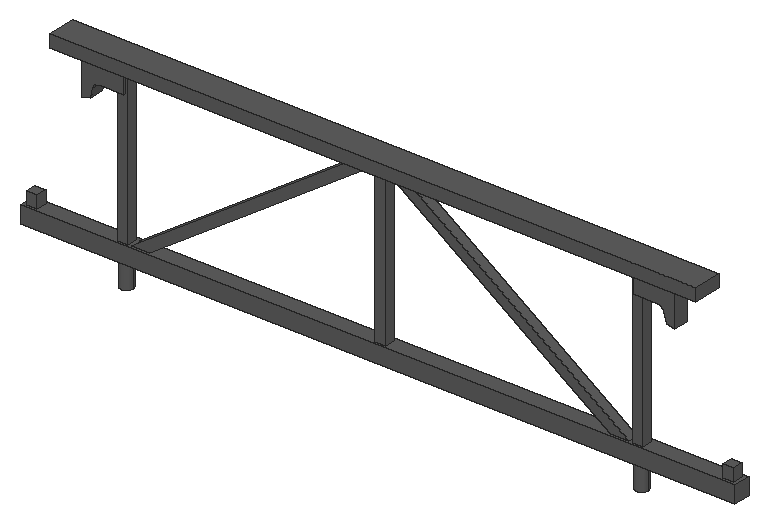
Revit family "CC4_SUPPORTING FRAME CC 1.5_1870160", category Generic Models, Revit 2018
Family settings
  Can host rebar = No
  Round Connector Dimension = Use Diameter
  Part Type = Normal
  OmniClass Number = 35.51.14.00
  OmniClass Title = FORMWORK
  Work Plane-Based = Yes
  Always vertical = No
  Cut with Voids When Loaded = No
  Shared = Yes
  Room Calculation Point = No
Parameters
  VERSION = "20190101"  # constant formula
  URL = "www.ulmaconstruction.com/en"
  UNICLASS = ""
  ITEM_CODE = "1870160"
  Manufacturer = "ULMA CONSTRUCTION"  # constant formula
  FILTER [instance] = ""
  Default Elevation = 0.000 mm
  CLASSIFICATION_TITLE = ""
  CLASSIFICATION_NUMBER = ""
Reference planes
  plane 1 "Centro (Frontal/Posterior)": y = 0
  plane 2: z = 0
  plane 3 "Centro (Izquierda/Derecha)": x = 0
  plane 4 "ITEM_LENGTH": x = 1500
Forms (mm)
  Extrusion 1, solid, material "ULMA BLACK", detail levels medium+fine
    sketch origin (0, 0, 0) x (0, 1, 0) y (0, 0, 1)
      loop
        line (0, 0) -> (0, -30) -> (70, -30) -> (70, 0) -> (0, 0)
    from -35 to 1535
  Extrusion 2, solid, material "ULMA BLACK", detail levels medium+fine
    sketch origin (0, 0, 0) x (0, 1, 0) y (0, 0, 1)
      loop
        line (15, -407) -> (15, -447) -> (55, -447) -> (55, -407) -> (15, -407)
    from -117.5 to 1617.5
  Extrusion 3, solid, material "ULMA BLACK", detail levels medium+fine
    sketch origin (0, 0, 0) x (1, 0, 0) y (0, 0, 1)
      loop
        line (-107.5, -377) -> (-107.5, -407) -> (-82.5, -407) -> (-82.5, -377) -> (-107.5, -377)
    from -47.5 to -22.5
  Extrusion 4, solid, material "ULMA BLACK", detail levels medium+fine
    sketch origin (0, 0, 0) x (1, 0, 0) y (0, 0, 1)
      loop
        line (1582.5, -377) -> (1582.5, -407) -> (1607.5, -407) -> (1607.5, -377) -> (1582.5, -377)
    from -47.5 to -22.5
  Extrusion 5, solid, material "ULMA BLACK", detail levels medium+fine
    sketch origin (0, 0, 0) x (1, 0, 0) y (0, 0, 1)
      loop
        line (112.5, -30) -> (112.5, -407) -> (137.5, -407) -> (137.5, -30) -> (112.5, -30)
    from -47.5 to -22.5
  Extrusion 6, solid, material "ULMA BLACK", detail levels medium+fine
    sketch origin (0, 0, 0) x (1, 0, 0) y (0, 0, 1)
      loop
        line (1362.5, -30) -> (1362.5, -407) -> (1387.5, -407) -> (1387.5, -30) -> (1362.5, -30)
    from -47.5 to -22.5
  Extrusion 7, solid, material "ULMA BLACK", detail levels medium+fine
    sketch origin (0, 0, 0) x (1, 0, 0) y (0, 0, 1)
      loop
        line (31, -30) -> (31, -120.959) -> (51, -115.6) -> (57.361, -91.859)
        arc (57.361, -91.859) -> (63.076, -83.306) -> (72.816, -80) r 16
        line (72.816, -80) -> (131, -80) -> (131, -30) -> (31, -30)
    from -53 to -17
  Extrusion 8, solid, material "ULMA BLACK", detail levels medium+fine
    sketch origin (0, 0, 0) x (1, 0, 0) y (0, 0, 1)
      loop
        line (1369, -30) -> (1369, -80) -> (1427.184, -80)
        arc (1427.184, -80) -> (1436.924, -83.306) -> (1442.639, -91.859) r 16
        line (1442.639, -91.859) -> (1449, -115.6) -> (1469, -120.959) -> (1469, -30) -> (1369, -30)
    from -53 to -17
  Extrusion 9, solid, material "ULMA BLACK", detail levels medium+fine
    sketch origin (0, 0, 0) x (1, 0, 0) y (0, 1, 0)
      loop
        circle (125, 35) r 16
    from -507 to -447
  Extrusion 10, solid, material "ULMA BLACK", detail levels medium+fine
    sketch origin (0, 0, 0) x (1, 0, 0) y (0, 1, 0)
      loop
        circle (1375, 35) r 16
    from -507 to -447
  Extrusion 11, solid, material "ULMA BLACK", not visible, detail levels medium+fine
    sketch origin (0, 0, 0) x (1, 0, 0) y (0, 0, 1)
      loop
        line (1369, -30) -> (1369, -80) -> (1427.184, -80)
        arc (1427.184, -80) -> (1436.924, -83.306) -> (1442.639, -91.859) r 16
        line (1442.639, -91.859) -> (1449, -115.6) -> (1469, -120.959) -> (1469, -30) -> (1369, -30)
    from -53 to -17
  Extrusion 12, solid, material "ULMA BLACK", detail levels medium+fine
    sketch origin (0, 0, 0) x (1, 0, 0) y (0, 0, 1)
      loop
        line (146.501, -407) -> (190.087, -407) -> (728.499, -30) -> (684.913, -30) -> (146.501, -407)
      loop
        line (737.5, -30) -> (737.5, -407) -> (762.5, -407) -> (762.5, -30) -> (737.5, -30)
      loop
        line (1309.913, -407) -> (1353.499, -407) -> (815.087, -30) -> (771.501, -30) -> (1309.913, -407)
    from -47.5 to -22.5
Lines and regions (mm)
  model lines, style "ULMA SUPPORTING", detail levels coarse
    curve 1: line (0, 35, 0) -> (1500, 35, 0)
    curve 2: line (545.4, -19.852, 0) -> (647.7, 89.852, 0)
    curve 3: line (750, -19.852, 0) -> (647.7, 89.852, 0)
    curve 4: line (750, -19.852, 0) -> (852.3, 89.852, 0)
    curve 5: line (954.6, -19.852, 0) -> (852.3, 89.852, 0)
Dimensions and locks
  locked: plane 3 "Centro (Izquierda/Derecha)" to plane 4 "ITEM_LENGTH" at 1500
  plane 4 "ITEM_LENGTH" to Extrusion 4 sketch curve to Extrusion 4 sketch curve = 82.500 mm locked, 25.000 mm locked
  plane 4 "ITEM_LENGTH" to Extrusion 6 sketch curve to Extrusion 6 sketch curve = 112.500 mm locked, 25.000 mm locked
  locked: Extrusion 10 sketch curve to plane 4 "ITEM_LENGTH" at 125
  aligned and locked: level to plane 2
